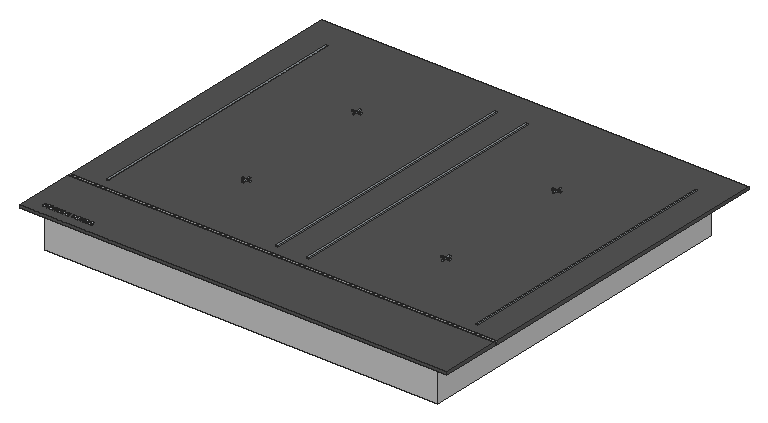
Revit family "FP_Revit_18_CI604DTB3_Cooktop_90000848A", category Specialty Equipment, Revit 2018
Family settings
  Round Connector Dimension = Use Diameter
  Part Type = Normal
  OmniClass Number = 23.40.40.14.17.11
  OmniClass Title = Cookers, Ovens, Stoves
  Work Plane-Based = No
  Always vertical = Yes
  Cut with Voids When Loaded = Yes
  Shared = No
  Room Calculation Point = No
Parameters
  Visibility - Clearance Required = yes
  URL = "www.fisherpaykel.com"
  Product - Width = 599 mm  # constant formula
  Product - Height = 54 mm  # constant formula
  Product - Depth = 530 mm  # constant formula
  Model = "CI604DTB3"
  Material - Trim = Fisher & Paykel - Steel, Chrome Plated
  Material - Graphics = Fisher & Paykel - Graphics Grey
  Material - Cooktop = Fisher & Paykel - Glass, Black
  Material - Body = Fisher & Paykel - Grey
  Manufacturer = "Fisher & Paykel Appliances"
  FFL Offset [instance] = 900 mm
  Description = "60cm Induction Cooktop"
  Connector Note - Electrical = "220-240 V, 30 A, 50 Hz,"
  Clearance - Side Combustible = 30 mm  # constant formula
  Clearance - Rear Combustible = 30 mm  # constant formula
  Clearance - Overhead Rangehood = 650 mm  # constant formula
  Clearance - Below = 65 mm  # constant formula
  Chassis - Width = 552 mm  # constant formula
  Chassis - Height = 49 mm  # constant formula
  Chassis - Depth = 480 mm  # constant formula
  Cavity - Width = 560 mm  # constant formula
  Cavity - Height = 65 mm  # constant formula
  Cavity - Depth = 490 mm  # constant formula
Reference planes
  plane 1 "Datum": y = 0
  plane 2: z = 0
  plane 3 "Center (Left/Right)": x = 0
  plane 4 "Product LHS": x = -299.5
  plane 5 "Product RHS": x = 299.5
  plane 6 "Product - Depth": y = 530
  plane 7 "Cavity LHS": x = -280
  plane 8 "Cavity RHS": x = 280
  plane 9 "Cavity - Depth": y = 497.2
  plane 10 "Chassis Front": y = 13.2
  plane 11 "Chassis - Depth": y = 493.2
  plane 12 "Cavity - Front": y = 7.2
  plane 13 "Basepan": z = 851
  plane 14 "Benchtop": z = 900
  plane 15 "Glass": z = 905
Forms (mm)
  Extrusion 1, solid, material "Fisher & Paykel - Glass, Black" <- "Material - Cooktop"
    sketch origin (0, 0, 0) x (0, 1, 0) y (0, 0, 1)
      loop
        line (0, 905) -> (0, 901) -> (85, 901) -> (85, 905) -> (0, 905)
      loop
        line (530, 905) -> (88, 905) -> (88, 901) -> (530, 901) -> (530, 905)
    from -299.5 to 299.5
  Extrusion 2, solid, material "Fisher & Paykel - Clearance Required (Cutout)", visible <- "Visibility - Clearance Required", detail levels coarse
    sketch origin (0, 24.768, 0) x (1, 0, 0) y (0, 1, 0)
      loop
        line (-280, 472.432) -> (-280, -17.568) -> (280, -17.568) -> (280, 472.432) -> (-280, 472.432)
    from 835 to 900
  Extrusion 3, solid, material "Fisher & Paykel - Steel, Chrome Plated" <- "Material - Trim", detail levels medium+fine
    sketch origin (0, 0, 0) x (0, 1, 0) y (0, 0, 1)
      loop
        line (88, 906) -> (85, 906) -> (85, 901) -> (88, 901) -> (88, 906)
    from -299.5 to 299.5
  Extrusion 4, solid, material "Fisher & Paykel - Clearance Required (Rangehood)", visible <- "Visibility - Clearance Required", detail levels coarse
    sketch origin (0, 0, 0) x (1, 0, 0) y (0, 1, 0)
      loop
        line (-310, 0) -> (310, 0) -> (310, 527.2) -> (-310, 527.2) -> (-310, 0)
    from 905 to 1555
  Extrusion 5, solid, material "Fisher & Paykel - Grey" <- "Material - Body"
    sketch origin (0, 0, 0) x (0, 1, 0) y (0, 0, 1)
      loop
        line (493.2, 851) -> (493.2, 900) -> (13.2, 900) -> (13.2, 851) -> (493.2, 851)
    from -276 to 276
  Extrusion 6, solid, material "Fisher & Paykel - Grey" <- "Material - Body"
    sketch origin (-151, 0, 0) x (1, 0, 0) y (0, 1, 0)
      loop
        line (-132, 520.2) -> (-132, 8.39) -> (434, 8.39) -> (434, 520.2) -> (-132, 520.2)
    from 900 to 901
  Extrusion 7, solid, material "Fisher & Paykel - Graphics Grey" <- "Material - Graphics", detail levels fine
    sketch origin (0, 0, 0) x (1, 0, 0) y (0, 1, 0)
      loop
        line (-260.343, 487.587) -> (-260.343, 103.669) -> (-258.143, 103.669) -> (-258.143, 487.587) -> (-260.343, 487.587)
      loop
        line (257.988, 487.856) -> (257.988, 103.669) -> (260.188, 103.669) -> (260.188, 487.856) -> (257.988, 487.856)
      loop
        line (22.728, 103.669) -> (22.728, 487.856) -> (20.728, 487.856) -> (20.728, 103.669) -> (22.728, 103.669)
      loop
        line (-20.643, 487.856) -> (-22.842, 487.856) -> (-22.842, 103.669) -> (-20.643, 103.669) -> (-20.643, 487.856)
      loop
        line (-141.406, 398.249) -> (-141.406, 393.083) -> (-146.572, 393.083) -> (-146.572, 391.115) -> (-141.406, 391.115) -> (-141.406, 385.949) -> (-139.438, 385.949) -> (-139.438, 391.115) -> (-134.272, 391.115) -> (-134.272, 393.083) -> (-139.438, 393.083) -> (-139.438, 398.249) -> (-141.406, 398.249)
      loop
        line (-141.406, 204.234) -> (-141.406, 199.068) -> (-146.572, 199.068) -> (-146.572, 197.1) -> (-141.406, 197.1) -> (-141.406, 191.934) -> (-139.438, 191.934) -> (-139.438, 197.1) -> (-134.272, 197.1) -> (-134.272, 199.068) -> (-139.438, 199.068) -> (-139.438, 204.234) -> (-141.406, 204.234)
      loop
        line (141.406, 398.249) -> (139.438, 398.249) -> (139.438, 393.083) -> (134.272, 393.083) -> (134.272, 391.115) -> (139.438, 391.115) -> (139.438, 385.949) -> (141.406, 385.949) -> (141.406, 391.115) -> (146.572, 391.115) -> (146.572, 393.083) -> (141.406, 393.083) -> (141.406, 398.249)
      loop
        line (141.406, 204.234) -> (139.438, 204.234) -> (139.438, 199.068) -> (134.272, 199.068) -> (134.272, 197.1) -> (139.438, 197.1) -> (139.438, 191.934) -> (141.406, 191.934) -> (141.406, 197.1) -> (146.572, 197.1) -> (146.572, 199.068) -> (141.406, 199.068) -> (141.406, 204.234)
    from 905 to 906
  Extrusion 8, solid, material "Fisher & Paykel - Grey" <- "Material - Body", detail levels fine
    sketch origin (0, 0, 0) x (1, 0, 0) y (0, 1, 0)
      loop
        circle (0, 473.2) r 5
    from 845 to 851
  Extrusion 9, void
    sketch origin (0, 24.768, 0) x (1, 0, 0) y (0, 1, 0)
      loop
        line (-280, 472.432) -> (-280, -17.568) -> (280, -17.568) -> (280, 472.432) -> (-280, 472.432)
    from 835 to 900
Text (mm)
  text "Due to ongoing product development, product details are subject to change without notice. \nPlease always refer to www.fisherpaykel.com for the most current product information. \n© Fisher & Paykel 2020" at (41.04, -102.478, 0), in view "Ref. Level (Plan)"
Dimensions and locks
  equal spacing: plane 4 "Product LHS", plane 3 "Center (Left/Right)", plane 5 "Product RHS"
  "Product - Width": plane 4 "Product LHS" to plane 5 "Product RHS"
  equal spacing: plane 7 "Cavity LHS", plane 3 "Center (Left/Right)", plane 8 "Cavity RHS"
  "Cavity - Width": plane 7 "Cavity LHS" to plane 8 "Cavity RHS"
  "Product - Depth": Extrusion 1 to plane 1 "Datum"
  equal spacing: Extrusion 5, plane 3 "Center (Left/Right)", Extrusion 5
  "Chassis - Width": Extrusion 5 to Extrusion 5
  equal spacing: Extrusion 6, plane 3 "Center (Left/Right)", Extrusion 6
  locked: plane 1 "Datum" to plane 10 "Chassis Front" at 13.2
  plane 10 "Chassis Front" to plane 12 "Cavity - Front" = 6 mm
  "Cavity - Depth": plane 9 "Cavity - Depth" to plane 12 "Cavity - Front"
  "Chassis - Depth": plane 11 "Chassis - Depth" to plane 10 "Chassis Front"
  locked: plane 15 "Glass" to plane 14 "Benchtop" at 5
  "Chassis - Height": plane 14 "Benchtop" to plane 13 "Basepan"
  "FFL Offset": plane 14 "Benchtop" to level
  locked: plane 15 "Glass" to Extrusion 1 sketch curve at 4
  "Clearance - Below": plane 14 "Benchtop" to Extrusion 2
  locked: plane 14 "Benchtop" to Extrusion 8 at 55
  locked: Extrusion 7 to plane 15 "Glass" at 1
  locked: nested 1 to plane 15 "Glass" at 0.8
  "Clearance - Overhead Rangehood": Extrusion 4 to plane 15 "Glass"
  "Clearance - Side Combustible": plane 8 "Cavity RHS" to Extrusion 4
  "Clearance - Side Combustible": Extrusion 4 to plane 7 "Cavity LHS"
  "Clearance - Rear Combustible": Extrusion 4 to plane 9 "Cavity - Depth"
  locked: Extrusion 3 to Extrusion 4 at 1
  aligned and locked: level to plane 2
  aligned and locked: Extrusion 1 to plane 5 "Product RHS"
  aligned and locked: plane 4 "Product LHS" to Extrusion 1
  aligned and locked: plane 4 "Product LHS" to Extrusion 3
  aligned and locked: Extrusion 3 to plane 5 "Product RHS"
  aligned and locked: plane 9 "Cavity - Depth" to Extrusion 2
  aligned and locked: plane 11 "Chassis - Depth" to Extrusion 5
  aligned and locked: Extrusion 5 to Extrusion 6
  aligned and locked: Extrusion 8 to Extrusion 5
  aligned and locked: plane 14 "Benchtop" to Extrusion 5
  aligned and locked: Extrusion 5 to plane 13 "Basepan"
  aligned and locked: Extrusion 2 to Extrusion 5
  aligned and locked: Extrusion 4 to plane 15 "Glass"
  aligned and locked: Extrusion 1 sketch curve to plane 15 "Glass"
  aligned and locked: Extrusion 1 to Extrusion 7
  aligned and locked: Extrusion 9 to Extrusion 2  (x2)
  aligned and locked: Extrusion 1 sketch curve to Extrusion 1 sketch curve
  aligned and locked: Extrusion 6 to Extrusion 1
  aligned and locked: Extrusion 3 to Extrusion 1
Automatic sketch dimensions
  Extrusion 2 sketch curve to plane 12 "Cavity - Front" = 0 mm
  plane 9 "Cavity - Depth" to Extrusion 2 sketch curve = 0 mm
  plane 7 "Cavity LHS" to Extrusion 2 sketch curve = 0 mm
  Extrusion 2 sketch curve to plane 8 "Cavity RHS" = 0 mm
  Extrusion 3 sketch curve to plane 1 "Datum" = 85 mm
  plane 14 "Benchtop" to Extrusion 3 sketch curve = 1 mm
  plane 15 "Glass" to Extrusion 3 sketch curve = 1 mm
  plane 12 "Cavity - Front" to Extrusion 3 sketch curve = 80.8 mm
  plane 1 "Datum" to Extrusion 4 sketch curve = 0 mm
  Extrusion 4 sketch curve to plane 6 "Product - Depth" = 2.8 mm
  plane 4 "Product LHS" to Extrusion 4 sketch curve = 10.5 mm
  Extrusion 4 sketch curve to plane 5 "Product RHS" = 10.5 mm
  Extrusion 5 sketch curve to plane 10 "Chassis Front" = 0 mm
  Extrusion 5 sketch curve to plane 11 "Chassis - Depth" = 0 mm
  Extrusion 5 sketch curve to plane 13 "Basepan" = 0 mm
  Extrusion 5 sketch curve to plane 14 "Benchtop" = 0 mm
  plane 12 "Cavity - Front" to Extrusion 6 sketch curve = 1.189 mm
  plane 7 "Cavity LHS" to Extrusion 6 sketch curve = 3 mm
  Extrusion 6 sketch curve to plane 8 "Cavity RHS" = 3 mm
  Extrusion 6 sketch curve to plane 6 "Product - Depth" = 9.8 mm
  Extrusion 7 sketch curve to plane 7 "Cavity LHS" = 19.657 mm
  Extrusion 7 sketch curve to Extrusion 7 sketch curve = 2.2 mm  (x3)
  Extrusion 7 sketch curve to plane 7 "Cavity LHS" = 133.428 mm  (x2)
  Extrusion 7 sketch curve to Extrusion 7 sketch curve = 5.166 mm  (x16)
  Extrusion 7 sketch curve to Extrusion 7 sketch curve = 0 mm  (x10)
  Extrusion 7 sketch curve to Extrusion 7 sketch curve = 1.968 mm  (x15)
  Extrusion 7 sketch curve to plane 11 "Chassis - Depth" = 5.344 mm  (x3)
  Extrusion 7 sketch curve to plane 3 "Center (Left/Right)" = 22.842 mm
  plane 3 "Center (Left/Right)" to Extrusion 7 sketch curve = 20.728 mm
  Extrusion 7 sketch curve to Extrusion 7 sketch curve = 2 mm
  plane 3 "Center (Left/Right)" to Extrusion 7 sketch curve = 134.272 mm  (x2)
  plane 8 "Cavity RHS" to Extrusion 7 sketch curve = 22.012 mm
  Extrusion 7 sketch curve to plane 11 "Chassis - Depth" = 5.613 mm
  Extrusion 7 sketch curve to plane 11 "Chassis - Depth" = 94.951 mm  (x2)
  Extrusion 7 sketch curve to Extrusion 7 sketch curve = 181.715 mm  (x2)
  plane 10 "Chassis Front" to Extrusion 7 sketch curve = 90.469 mm  (x3)
  Extrusion 8 sketch curve to plane 3 "Center (Left/Right)" = 0 mm
  Extrusion 8 sketch curve to plane 11 "Chassis - Depth" = 20 mm
  Extrusion 9 sketch curve to plane 12 "Cavity - Front" = 0 mm
  plane 9 "Cavity - Depth" to Extrusion 9 sketch curve = 0 mm
  plane 7 "Cavity LHS" to Extrusion 9 sketch curve = 0 mm
  Extrusion 9 sketch curve to plane 8 "Cavity RHS" = 0 mm
  Extrusion 1 sketch curve to plane 1 "Datum" = 0 mm
  Extrusion 1 sketch curve to plane 15 "Glass" = 0 mm
  Extrusion 1 sketch curve to plane 6 "Product - Depth" = 0 mm
  plane 10 "Chassis Front" to Extrusion 1 sketch curve = 71.8 mm
  Extrusion 1 sketch curve to Extrusion 1 sketch curve = 3 mm
  radius of Extrusion 8 sketch curve = 5 mm
Nested families
  nested 1: "F&P Logo 70mm Horizontal" at (-244.001, 14.253, 905), type "F&P Logo 70mm Horizontal"
Connectors
  electrical at (0, 473.2, 845), driven by "Connector Note - Electrical"
    settings: on Extrusion 8, index 1, voltage 230 V, apparent load 0 VA, apparent load phase1 0 VA, apparent load phase2 0 VA, apparent load phase3 0 VA, power factor 1, load classification "Other", number of poles 1, system type 30, power factor state 1, is connector primary yes, connector utility no, sub classification motor no, connector description "220-240 V, 30 A, 50 Hz,"
Definition of nested family "F&P Logo 70mm Horizontal"
  Parameters (values of type "F&P Logo 70mm Horizontal")
    URL = "www.fisherpaykel.com"
    Material - Logo = none
    Manufacturer = "Fisher & Paykel Appliances"
  Reference planes
    plane 1 "Center (Front/Back)": y = 0
    plane 2: z = 0
    plane 3 "Center (Left/Right)": x = 0
  Forms (mm)
    Extrusion 1, solid, material <- "Material - Logo", detail levels fine
      sketch origin (0, 0, 0) x (1, 0, 0) y (0, 1, 0)
        loop
          line (-34.997, -0.356) -> (-33.895, -0.356) -> (-33.895, 1.141) -> (-32.174, 1.141) -> (-32.174, 2.075) -> (-33.895, 2.075) -> (-33.895, 2.943) -> (-32.023, 2.943) -> (-32.023, 3.872) -> (-34.997, 3.872) -> (-34.997, -0.356)
        loop
          line (-29.929, 3.872) -> (-29.929, -0.356) -> (-28.828, -0.356) -> (-28.828, 3.872) -> (-29.929, 3.872)
        loop
          line (-21.473, 3.872) -> (-21.473, -0.356) -> (-20.372, -0.356) -> (-20.372, 1.338) -> (-18.754, 1.338) -> (-18.754, -0.356) -> (-17.652, -0.356) -> (-17.652, 3.872) -> (-18.754, 3.872) -> (-18.754, 2.268) -> (-20.372, 2.268) -> (-20.372, 3.872) -> (-21.473, 3.872)
        loop
          line (-15.301, 3.872) -> (-15.301, -0.356) -> (-12.288, -0.356) -> (-12.288, 0.444) -> (-14.209, 0.444) -> (-14.209, 1.338) -> (-12.453, 1.338) -> (-12.453, 2.268) -> (-14.209, 2.268) -> (-14.209, 3.072) -> (-12.288, 3.072) -> (-12.288, 3.872) -> (-15.301, 3.872)
        loop
          line (32, 3.872) -> (32, -0.356) -> (35.003, -0.356) -> (35.003, 0.574) -> (33.102, 0.574) -> (33.102, 3.872) -> (32, 3.872)
        loop
          line (29.735, 3.872) -> (26.712, 3.872) -> (26.712, -0.356) -> (29.735, -0.356) -> (29.735, 0.444) -> (27.814, 0.444) -> (27.814, 1.338) -> (29.57, 1.338) -> (29.57, 2.268) -> (27.814, 2.268) -> (27.814, 3.072) -> (29.735, 3.072) -> (29.735, 3.872)
        loop
          line (23.449, 1.848) -> (25.012, 3.872) -> (23.724, 3.872) -> (22.374, 2.124) -> (22.374, 3.872) -> (21.273, 3.872) -> (21.273, -0.356) -> (22.374, -0.356) -> (22.374, 1.538) -> (23.765, -0.356) -> (25.067, -0.356) -> (23.449, 1.848)
        loop
          line (15.42, 3.872) -> (17.017, 1.338) -> (17.017, -0.356) -> (18.119, -0.356) -> (18.119, 1.283) -> (19.717, 3.872) -> (18.546, 3.872) -> (17.603, 2.239) -> (16.66, 3.872) -> (15.42, 3.872)
        loop
          line (12.969, 3.872) -> (11.922, 3.872) -> (10.2, -0.356) -> (11.282, -0.356) -> (11.585, 0.422) -> (13.278, 0.422) -> (13.581, -0.356) -> (14.69, -0.356) -> (12.969, 3.872)
        loop
          line (12.913, 1.352) -> (12.419, 2.566) -> (11.946, 1.352) -> (12.913, 1.352)
        loop
          line (5.556, 3.872) -> (5.556, -0.356) -> (6.653, -0.356) -> (6.653, 1.001) -> (7.453, 1.001)
          spline (7.453, 1.001) -> (7.884, 1.05) -> (8.285, 1.193) -> (8.63, 1.421) -> (8.895, 1.719) -> (9.061, 2.065) -> (9.118, 2.436) -> (9.061, 2.808) -> (8.895, 3.154) -> (8.63, 3.452) -> (8.285, 3.68) -> (7.884, 3.823) -> (7.453, 3.872)
          line (7.453, 3.872) -> (5.556, 3.872)
        loop
          spline (7.385, 1.882) -> (7.558, 1.9) -> (7.72, 1.953) -> (7.858, 2.037) -> (7.965, 2.147) -> (8.032, 2.275) -> (8.055, 2.412) -> (8.032, 2.55) -> (7.965, 2.677) -> (7.858, 2.787) -> (7.72, 2.872) -> (7.558, 2.924) -> (7.385, 2.943)
          line (7.385, 2.943) -> (6.585, 2.943) -> (6.585, 1.882) -> (7.385, 1.882)
        loop
          line (-8.294, 2.943) -> (-9.094, 2.943) -> (-9.094, 1.781) -> (-8.294, 1.781)
          spline (-8.294, 1.781) -> (-8.121, 1.801) -> (-7.96, 1.859) -> (-7.822, 1.951) -> (-7.716, 2.072) -> (-7.649, 2.212) -> (-7.626, 2.362) -> (-7.649, 2.512) -> (-7.716, 2.652) -> (-7.822, 2.772) -> (-7.96, 2.865) -> (-8.121, 2.923) -> (-8.294, 2.943)
        loop
          line (-8.214, 3.872) -> (-10.262, 3.872) -> (-10.262, -0.356) -> (-9.094, -0.356) -> (-9.094, 0.492) -> (-8.294, 0.492) -> (-7.647, -0.356) -> (-6.373, -0.356) -> (-7.445, 1.016)
          spline (-7.445, 1.016) -> (-7.148, 1.205) -> (-6.902, 1.45) -> (-6.72, 1.739) -> (-6.611, 2.058) -> (-6.58, 2.391) -> (-6.628, 2.723) -> (-6.754, 3.037) -> (-6.95, 3.317) -> (-7.208, 3.551) -> (-7.515, 3.726) -> (-7.856, 3.835) -> (-8.214, 3.872)
        loop
          line (0.368, 2.943) -> (0.368, 3.951) -> (-2.559, 3.951) -> (-2.559, 3.151) -> (-2.048, 2.522)
          spline (-2.048, 2.522) -> (-2.373, 2.187) -> (-2.606, 1.789) -> (-2.731, 1.355) -> (-2.74, 0.914) -> (-2.632, 0.497) -> (-2.414, 0.133) -> (-2.102, -0.155) -> (-1.716, -0.347) -> (-1.283, -0.429) -> (-0.832, -0.395) -> (-0.395, -0.249) -> (0, 0)
          line (0, 0) -> (0.504, -0.621) -> (1.644, -0.621) -> (0.602, 0.712) -> (1.591, 2.137) -> (0.459, 2.137) -> (0.003, 1.48) -> (-1.14, 2.943) -> (0.368, 2.943)
        loop
          spline (-1.353, 1.874) -> (-1.563, 1.673) -> (-1.729, 1.449) -> (-1.839, 1.217) -> (-1.886, 0.992) -> (-1.867, 0.792) -> (-1.783, 0.627) -> (-1.639, 0.511) -> (-1.447, 0.451) -> (-1.218, 0.451) -> (-0.968, 0.512) -> (-0.714, 0.628) -> (-0.475, 0.792)
          line (-0.475, 0.792) -> (-1.353, 1.874)
        loop
          arc (-25.449, 3.004) -> (-24.591, 2.949) -> (-23.808, 2.592) r 2.379
          line (-23.808, 2.592) -> (-23.808, 3.586)
          arc (-23.808, 3.586) -> (-24.619, 3.915) -> (-25.494, 3.936) r 2.437
          arc (-25.494, 3.936) -> (-26.617, 2.99) -> (-26.18, 1.588) r 1.327
          arc (-26.18, 1.588) -> (-25.746, 1.367) -> (-25.276, 1.236) r 2.46
          spline (-25.276, 1.236) -> (-25.124, 1.211) -> (-24.98, 1.158) -> (-24.856, 1.083) -> (-24.761, 0.989) -> (-24.703, 0.886) -> (-24.686, 0.78) -> (-24.713, 0.681) -> (-24.78, 0.596) -> (-24.882, 0.532) -> (-25.011, 0.494) -> (-25.158, 0.485) -> (-25.311, 0.505)
          arc (-25.311, 0.505) -> (-26.045, 0.647) -> (-26.714, 0.98) r 2.761
          line (-26.714, 0.98) -> (-26.714, -0.067)
          arc (-26.714, -0.067) -> (-25.66, -0.377) -> (-24.564, -0.318) r 3.237
          arc (-24.564, -0.318) -> (-23.597, 0.72) -> (-24.205, 2.002) r 1.263
          arc (-24.205, 2.002) -> (-24.834, 2.249) -> (-25.488, 2.42) r 5.78
          spline (-25.488, 2.42) -> (-25.537, 2.449) -> (-25.58, 2.49) -> (-25.615, 2.541) -> (-25.639, 2.6) -> (-25.653, 2.664) -> (-25.654, 2.73) -> (-25.644, 2.795) -> (-25.622, 2.856) -> (-25.59, 2.909) -> (-25.549, 2.953) -> (-25.502, 2.985) -> (-25.449, 3.004)
      from 0 to 0.8
  Dimensions and locks
    Extrusion 1 sketch curve to Extrusion 1 sketch curve = 70 mm
    aligned and locked: level to plane 2
